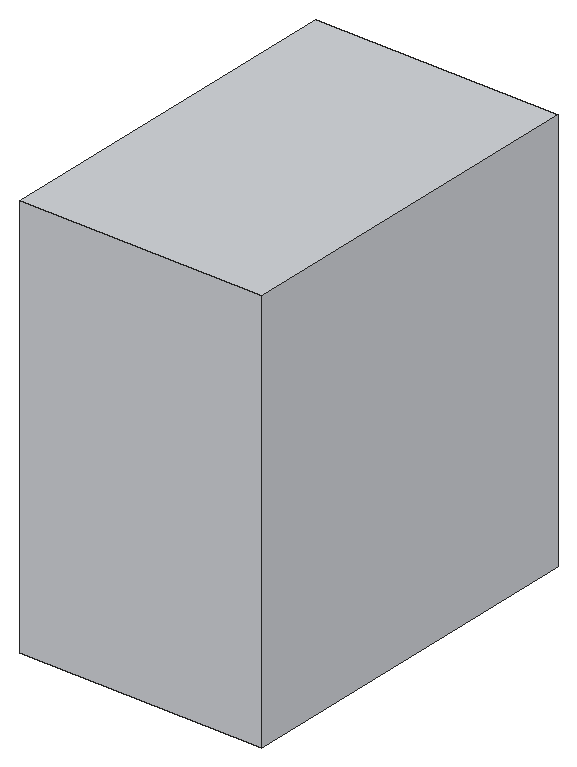
Revit family
Parameters
  Warranty Duration (Years) = 0
  Unit Width [instance] = 1' - 5 1/4"
  Unit Height [instance] = 4' - 8"
  Unit Depth = 0' - 0 1/4"
  URL = "http://www.americanspecialties.com/viewCategories.cfm"
  Trim Material = Metal - Stainless Steel
  Test Data = ""
  Specification = "http://www.arcat.com/sdspecs/htm/10810asi.htm"
  SpecWizard = ""
  Send Message = "http://www.arcat.com/users.pl?action=UserEmail&company=American%20Specialties,%20Inc.&coid=30448&rep=139&fax=914-476-0688&mf="
  Sales Information = "http://www.americanspecialties.com/contact"
  Revision = "R1_10-2010"
  Product Properties = "http://www.americanspecialties.com/datasheets/04697-9.pdf"
  Product Data = "http://www.arcat.com/arcatcos/cos30/arc30448.html"
  Model = "As Specified in 10 28 13"
  Manufacturer Website = "http://www.americanspecialties.com/viewCategories.cfm"
  Manufacturer Phone - Toll Free = ""
  Manufacturer Phone = "914-476-9000 "
  Manufacturer Fax = "914-476-0688"
  Manufacturer Address = "441 Saw Mill River Rd., Yonkers, NY 10701"
  Manufacturer = "American Specialties, Inc."
  Maintenance Schedule (Months) = 0
  Keynote = "10 28 13"
  Installation-Fabrication = "http://www.americanspecialties.com/products.cfm"
  Green Building-LEED = ""
  Expected Lifespan (Years) = 0
  Drawn By = "Robert S. Weygant. CSI, CDT, SCIP"  # constant formula
  Description = "Toilet Accessory as Specified in 10 28 13"
  Default Elevation = 4' - 0"
  Copyright = "©Arcat Inc."
  Construction Details = "http://www.arcat.com/green/clients/leed_data_30448.html"
  Building Codes = "http://www.americanspecialties.com/products.cfm"
  Body Material = Metal - Stainless Steel
  Assembly Code = "C1030210"
Reference planes (in)
  plane 1 "Center (Front/Back)": y = -0.29112
  plane 2 "Floor Line": z = 0
  plane 3 "Center (Left/Right)": x = -0.65843
Forms (in)
  Extrusion 1, solid
    sketch origin (-3, -9, -6) x (0, 0, -1) y (1, 0, 0)
      loop
        line (-82, 26) -> (-82, -19.34712) -> (-6, -19.34712) -> (-6, 26) -> (-82, 26)
    from 28.29112 to -41.06337
  Extrusion 2, solid, material "Metal - Stainless Steel" <- "Body Material"
    sketch origin (0, 4, 7.25) x (1, 0, 0) y (0, 1, 0)
      loop
        line (-8.28343, 22.70888) -> (-8.28343, -31.29112) -> (6.96657, -31.29112) -> (6.96657, 22.70888) -> (-8.28343, 22.70888)
    from 0 to -7.25
  Extrusion 3, void
    sketch origin (-0.65843, 6.99967, 7.25) x (0, 1, 0) y (0, 0, 1)
      loop
        line (-1.96119, -6.92367) -> (2.70888, 0) -> (2.70888, 0.9375) -> (-11.29079, 0.9375) -> (-11.29079, -6.92367)
        arc (-11.29079, -6.92367) -> (-10.07216, -6.39842) -> (-8.85354, -6.92367) r 1.67628
        line (-8.85354, -6.92367) -> (-1.96119, -6.92367)
    from -7.59375 to 7.59375
  Extrusion 4, void
    sketch origin (-36.75, 0.72623, 10.30372) x (1, 0, 0) y (0, 0.559193, 0.829038)
      loop
        arc (36.9789, -1.93171) -> (37.15918, -1.6799) -> (36.96663, -1.43734) r 0.25717
        line (36.96663, -1.43734) -> (36.21387, -1.43734)
        arc (36.21387, -1.43734) -> (33.33353, -0.76588) -> (30.45405, -1.44101) r 6.49582
        line (30.45405, -1.44101) -> (29.69611, -1.44101)
        arc (29.69611, -1.44101) -> (29.51617, -1.68772) -> (29.69972, -1.93175) r 0.25651
        line (29.69972, -1.93175) -> (30.47907, -1.93175)
        arc (30.47907, -1.93175) -> (33.3416, -2.19917) -> (36.20414, -1.93171) r 15.453
        line (36.20414, -1.93171) -> (36.9789, -1.93171)
    from -9.32112 to -9.1543
  Extrusion 5, solid, material "Metal - Stainless Steel" <- "Trim Material"
    sketch origin (-1.125, 0, 6.8125) x (1, 0, 0) y (0, 1, 0)
      loop
        circle (-5.15843, 17.70888) r 0.5
      loop
        line (-5.21525, 17.29024) -> (-5.10162, 17.29024) -> (-5.10162, 18.13975) -> (-5.21525, 18.13975) -> (-5.21525, 17.29024)
    from 0.6875 to 0.76916
  Extrusion 6, solid, material "Metal - Stainless Steel" <- "Body Material"
    sketch origin (0, 0, 7.25) x (1, 0, 0) y (0, 1, 0)
      loop
        line (-8.28343, 26.70888) -> (-8.28343, 9.70856) -> (6.96657, 9.70856) -> (6.96657, 26.70888) -> (-8.28343, 26.70888)
    from 0 to 0.25
  Extrusion 7, solid, material "Metal - Stainless Steel" <- "Body Material"
    sketch origin (0, 4, 11.75) x (1, 0, 0) y (0, 1, 0)
      loop
        line (-8.28343, -8.29112) -> (-8.28343, -31.29112) -> (6.96657, -31.29112) -> (6.96657, -8.29112) -> (-8.28343, -8.29112)
    from -3.75 to -11.75
  Extrusion 8, solid
    sketch origin (0, -0.31703, 4.27108) x (1, 0, 0) y (0, 1, 0)
      loop
        circle (-0.65843, -2.73301) r 0.5
      loop
        line (-0.71525, -2.31436) -> (-0.71525, -3.16387) -> (-0.60162, -3.16387) -> (-0.60162, -2.31436) -> (-0.71525, -2.31436)
    from -3.50004 to -3.27108
  Extrusion 9, solid, material "Metal - Stainless Steel" <- "Body Material"
    sketch origin (0, 0, 10.5) x (1, 0, 0) y (0, 1, 0)
      loop
        line (-9.28343, 27.70888) -> (-9.28343, -28.29112) -> (7.96657, -28.29112) -> (7.96657, 27.70888) -> (-9.28343, 27.70888)
      loop
        line (-8.28343, 26.70888) -> (-8.28343, -27.29112) -> (6.96657, -27.29112) -> (6.96657, 26.70888) -> (-8.28343, 26.70888)
    from -3.25 to -3
  Extrusion 10, void
    sketch origin (0, 0, 0) x (1, 0, 0) y (0, 1, 0)
      loop
        line (-8.25218, -4.29112) -> (-8.25218, -27.246) -> (6.92971, -27.246) -> (6.92971, -4.29112) -> (-8.25218, -4.29112)
    from 0.01829 to 7.92688
  Extrusion 11, solid, material "Metal - Stainless Steel" <- "Body Material"
    sketch origin (0, 0, 0) x (1, 0, 0) y (0, 1, 0)
      loop
        line (-9.28343, 27.70888) -> (-9.28343, -28.29112) -> (7.96657, -28.29112) -> (7.96657, 27.70888) -> (-9.28343, 27.70888)
      loop
        line (6.96657, -27.29112) -> (6.96657, 26.70888) -> (-8.28343, 26.70888) -> (-8.28343, -27.29112) -> (6.96657, -27.29112)
    from 0 to 7.25
Cuts and joins
  Extrusion 3, Extrusion 4, Extrusion 10 cuts Extrusion 2
  Extrusion 3 cuts Extrusion 6
  Extrusion 3, Extrusion 10 cuts Extrusion 7
  Extrusion 3, Extrusion 10 cuts Extrusion 9
Dimensions and locks (in)
  aligned and locked: Extrusion 1 to level
